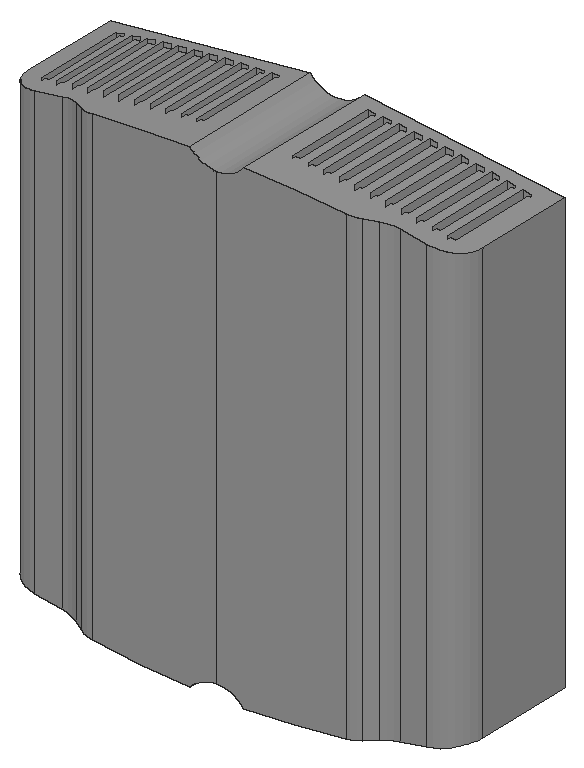
Revit family "Рециркулятор бактерицидный Тион А", category Оборудование, Revit 2017
Family settings
  Размер круглого соединителя = Использовать диаметр
  Тип детали = Нормальный
  На основе рабочей плоскости = Нет
  Всегда вертикально = Да
  При загрузке вырезать с полостями = Нет
  Общий = Нет
  Точка расчета площади = Нет
Parameters (values of type "Тип")
  Общ_Ширина = 585.0 mm
  Общ_Тип, марка = "Тион А"
  Общ_Примечание ЭМ [instance] = ""
  Общ_Примечание КР [instance] = ""
  Общ_Примечание АР [instance] = ""
  Общ_Примечание = ""
  Общ_Поставщик = "Тион"
  Общ_Позиция = ""
  Общ_Напряжение = 220 V
  Общ_Наименование = "Бактерицидный рециркулятор"
  Общ_Мощность номинальная = 35 W
  Общ_Масса = "12"
  Общ_Код продукции = ""
  Общ_Задание [instance] = "ЭМ"
  Общ_Единицы измерения = "шт."
  Общ_Глубина = 195.0 mm
  Общ_Высота = 625.0 mm
  Keynote = ""
  Model = ""
Reference planes
  plane 1 "По центру (Вперед/Назад)": y = 0
  plane 2: z = 0
  plane 3 "По центру (Влево/Вправо)": x = 0
Forms (mm)
  Extrusion 1, solid, material "Пластмасса, непрозрачная, белая", detail levels fine
    sketch origin (0, 0, 0) x (1, 0, 0) y (0, 0, 1)
      loop
        line (292.5, 30) -> (292.5, 595)
        arc (292.5, 595) -> (164.415, 615.589) -> (34.997, 624.575) r 1440.938
        arc (34.997, 624.575) -> (0, 607.862) -> (-34.997, 624.575) r 45
        arc (-34.997, 624.575) -> (-164.415, 615.589) -> (-292.5, 595) r 1440.938
        line (-292.5, 595) -> (-292.5, 30)
        arc (-292.5, 30) -> (-164.415, 9.411) -> (-34.997, 0.425) r 1440.938
        arc (-34.997, 0.425) -> (0, 17.138) -> (34.997, 0.425) r 45
        arc (34.997, 0.425) -> (164.415, 9.411) -> (292.5, 30) r 1440.938
    from 0 to 195
  Extrusion 2, void, detail levels fine
    sketch origin (0, 0, 0) x (1, 0, 0) y (0, 1, 0)
      loop
        arc (0, -194) -> (-81.516, -193.224) -> (-163.002, -190.897) r 4282.813
        arc (-163.002, -190.897) -> (-172.565, -189.359) -> (-181.479, -185.567) r 40
        line (-181.479, -185.567) -> (-195.785, -177.307)
        arc (-195.785, -177.307) -> (-206.397, -172.912) -> (-217.785, -171.413) r 44
        line (-217.785, -171.413) -> (-252.5, -171.413)
        arc (-252.5, -171.413) -> (-280.784, -159.697) -> (-292.5, -131.413) r 40
        line (-292.5, -131.413) -> (-292.5, -211.413) -> (292.5, -211.413) -> (292.5, -131.413)
        arc (292.5, -131.413) -> (280.784, -159.697) -> (252.5, -171.413) r 40
        line (252.5, -171.413) -> (217.785, -171.413)
        arc (217.785, -171.413) -> (206.397, -172.912) -> (195.785, -177.307) r 44
        line (195.785, -177.307) -> (181.479, -185.567)
        arc (181.479, -185.567) -> (172.565, -189.359) -> (163.002, -190.897) r 40
        arc (163.002, -190.897) -> (81.516, -193.224) -> (0, -194) r 4282.813
    from 0 to 700
  Extrusion 3, solid, material "Пластмасса, непрозрачная, белая", detail levels fine
    sketch origin (-292.5, 0, 625) x (0, 0, -1) y (0, -1, 0)
      loop
        circle (570.15, 27.607) r 5
    from 0 to -3.265
  Extrusion 4, void
    sketch origin (0, 0, 0) x (1, 0, 0) y (0, 1, 0)
      loop
        line (56.892, -22.851) -> (56.892, -142.851) -> (66.892, -142.851) -> (66.892, -22.851) -> (56.892, -22.851)
      loop
        line (76.892, -22.851) -> (76.892, -142.851) -> (86.892, -142.851) -> (86.892, -22.851) -> (76.892, -22.851)
      loop
        line (96.892, -22.851) -> (96.892, -142.851) -> (106.892, -142.851) -> (106.892, -22.851) -> (96.892, -22.851)
      loop
        line (116.892, -22.851) -> (116.892, -142.851) -> (126.892, -142.851) -> (126.892, -22.851) -> (116.892, -22.851)
      loop
        line (136.892, -22.851) -> (136.892, -142.851) -> (146.892, -142.851) -> (146.892, -22.851) -> (136.892, -22.851)
      loop
        line (156.892, -22.851) -> (156.892, -142.851) -> (166.892, -142.851) -> (166.892, -22.851) -> (156.892, -22.851)
      loop
        line (176.892, -22.851) -> (176.892, -142.851) -> (186.892, -142.851) -> (186.892, -22.851) -> (176.892, -22.851)
      loop
        line (196.892, -22.851) -> (196.892, -142.851) -> (206.892, -142.851) -> (206.892, -22.851) -> (196.892, -22.851)
      loop
        line (216.892, -22.851) -> (216.892, -142.851) -> (226.892, -142.851) -> (226.892, -22.851) -> (216.892, -22.851)
      loop
        line (236.892, -22.851) -> (236.892, -142.851) -> (246.892, -142.851) -> (246.892, -22.851) -> (236.892, -22.851)
      loop
        line (256.892, -22.851) -> (256.892, -142.851) -> (266.892, -142.851) -> (266.892, -22.851) -> (256.892, -22.851)
      loop
        line (-56.892, -22.851) -> (-66.892, -22.851) -> (-66.892, -142.851) -> (-56.892, -142.851) -> (-56.892, -22.851)
      loop
        line (-76.892, -22.851) -> (-86.892, -22.851) -> (-86.892, -142.851) -> (-76.892, -142.851) -> (-76.892, -22.851)
      loop
        line (-96.892, -22.851) -> (-106.892, -22.851) -> (-106.892, -142.851) -> (-96.892, -142.851) -> (-96.892, -22.851)
      loop
        line (-116.892, -22.851) -> (-126.892, -22.851) -> (-126.892, -142.851) -> (-116.892, -142.851) -> (-116.892, -22.851)
      loop
        line (-136.892, -22.851) -> (-146.892, -22.851) -> (-146.892, -142.851) -> (-136.892, -142.851) -> (-136.892, -22.851)
      loop
        line (-156.892, -22.851) -> (-166.892, -22.851) -> (-166.892, -142.851) -> (-156.892, -142.851) -> (-156.892, -22.851)
      loop
        line (-176.892, -22.851) -> (-186.892, -22.851) -> (-186.892, -142.851) -> (-176.892, -142.851) -> (-176.892, -22.851)
      loop
        line (-196.892, -22.851) -> (-206.892, -22.851) -> (-206.892, -142.851) -> (-196.892, -142.851) -> (-196.892, -22.851)
      loop
        line (-216.892, -22.851) -> (-226.892, -22.851) -> (-226.892, -142.851) -> (-216.892, -142.851) -> (-216.892, -22.851)
      loop
        line (-236.892, -22.851) -> (-246.892, -22.851) -> (-246.892, -142.851) -> (-236.892, -142.851) -> (-236.892, -22.851)
      loop
        line (-256.892, -22.851) -> (-266.892, -22.851) -> (-266.892, -142.851) -> (-256.892, -142.851) -> (-256.892, -22.851)
    from 0 to 625
Cuts and joins
  Extrusion 2, Extrusion 4 cuts Extrusion 1
Lines and regions (mm)
  symbolic lines, detail levels coarse+medium
    curve 1: arc (-163.002, -190.897, 0) -> (-172.565, -189.359, 0) -> (-181.479, -185.567, 0) r 40
    curve 2: line (-181.479, -185.567, 0) -> (-195.785, -177.307, 0)
    curve 3: arc (-195.785, -177.307, 0) -> (-206.397, -172.912, 0) -> (-217.785, -171.413, 0) r 44
    curve 4: line (-217.785, -171.413, 0) -> (-252.5, -171.413, 0)
    curve 5: arc (-252.5, -171.413, 0) -> (-280.784, -159.697, 0) -> (-292.5, -131.413, 0) r 40
    curve 6: line (-292.5, 0, 0) -> (-292.5, -131.413, 0)
    curve 7: line (292.5, 0, 0) -> (-292.5, 0, 0)
    curve 8: line (292.5, -131.413, 0) -> (292.5, 0, 0)
    curve 9: arc (292.5, -131.413, 0) -> (280.784, -159.697, 0) -> (252.5, -171.413, 0) r 40
    curve 10: line (252.5, -171.413, 0) -> (217.785, -171.413, 0)
    curve 11: arc (217.785, -171.413, 0) -> (206.397, -172.912, 0) -> (195.785, -177.307, 0) r 44
    curve 12: line (195.785, -177.307, 0) -> (181.479, -185.567, 0)
    curve 13: arc (181.479, -185.567, 0) -> (172.565, -189.359, 0) -> (163.002, -190.897, 0) r 40
    curve 14: arc (163.002, -190.897, 0) -> (81.516, -193.224, 0) -> (0, -194, 0) r 4282.813
    curve 15: line (-34.997, 0, 0) -> (-34.997, -193.857, 0)
    curve 16: line (34.997, 0, 0) -> (34.997, -193.857, 0)
    curve 17: line (56.892, -22.851, 0) -> (266.892, -22.851, 0)
    curve 18: line (56.892, -142.851, 0) -> (56.892, -22.851, 0)
    curve 19: line (266.892, -142.851, 0) -> (56.892, -142.851, 0)
    curve 20: line (266.892, -22.851, 0) -> (266.892, -142.851, 0)
    curve 21: line (-266.892, -22.851, 0) -> (-56.892, -22.851, 0)
    curve 22: line (-266.892, -142.851, 0) -> (-266.892, -22.851, 0)
    curve 23: line (-56.892, -142.851, 0) -> (-266.892, -142.851, 0)
    curve 24: line (-56.892, -22.851, 0) -> (-56.892, -142.851, 0)
    curve 25: arc (-163.002, -190.897, 0) -> (-81.516, -193.224, 0) -> (0, -194, 0) r 4282.813
  model lines, detail levels coarse+medium
    curve 26: line (0, 0, 0) -> (0, 0, -500)
Dimensions and locks
  aligned and locked: level to plane 2
Connectors
  electrical at (-292.5, -27.607, 54.85), driven by "Общ_Напряжение", driven by "Общ_Мощность номинальная"
    settings: on Extrusion 3, index 1, voltage 220 V, apparent load 35 VA, apparent load phase1 0 VA, apparent load phase2 0 VA, apparent load phase3 0 VA, power factor 1, load classification "Прочее", number of poles 1, system type 30, power factor state 1, is connector primary yes, connector utility no, sub classification motor no, connector description ""
